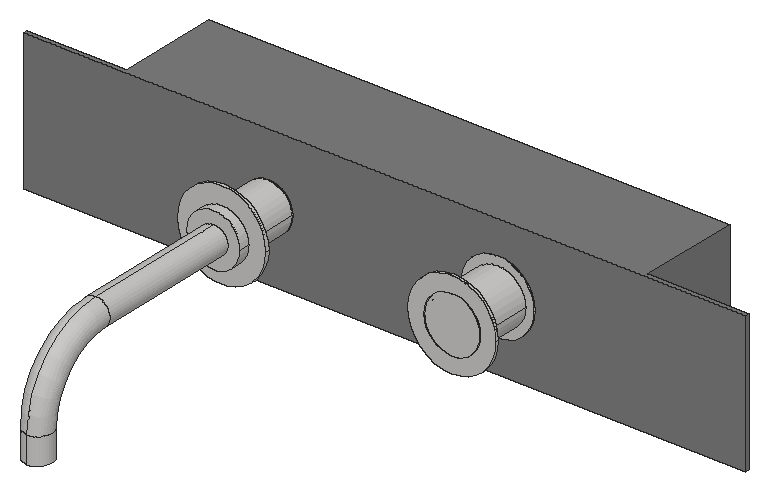
Revit family "CBR_4811", category Plumbing Fixtures, Revit 2021
Family settings
  Round Connector Dimension = Use Diameter
  Part Type = Normal
  Work Plane-Based = No
  Always vertical = Yes
  Cut with Voids When Loaded = No
  Shared = No
  Room Calculation Point = No
Parameters
  e-mail = "info@vola.com"
  URL = "http://vola.com"
  Telephone = "+45 7023 5500"
  Quality management standard = "ISO 9001"
  Organisation no. / DUNS no. = "17531328"
  Occupational health and safety management standard = "ISO 18001"
  Mounting Instructions = ""
  Model = "4811"
  Mixer Offset [instance] = 37.50 mm
  Mixer = yes
  Materials and components information = ""
  Manufacturer = "VOLA A/S"
  Maintenance Instructions = ""
  Guarantee = "2 years"
  Flow = "5,00 l/min"
  Environmental management standard = "ISO 14000"
  Default Elevation = 0.00 mm
  Connection - All relevant connections = "To valve box 3/8\" and to mixer ½\""
  Approvals = ""
Reference planes
  plane 1 "Center (Front/Back)": y = 0
  plane 2: z = 0
  plane 3 "Center (Left/Right)": x = 0
  plane 4 "Mixer plane": y = 37.5
  plane 5 "Wall Surface": y = 0
Forms (mm)
  Extrusion 1, solid, material "Stainless Steel", visible <- "Mixer"
    sketch origin (15.5, 37, 0) x (0, 0, 1) y (-1, 0, 0)
      loop
        circle (0, 16.5) r 16.5
    from 0 to 37
Dimensions and locks
  "Mixer Offset": plane 4 "Mixer plane" to plane 1 "Center (Front/Back)"
  aligned and locked: plane 2 to level
  aligned and locked: plane 1 "Center (Front/Back)" to Extrusion 1
  aligned and locked: nested 1 to plane 4 "Mixer plane"
  aligned and locked: nested 1 to Extrusion 1
  aligned and locked: nested 5 to nested 3
Automatic sketch dimensions
  radius of Extrusion 1 sketch curve to nested 1 = 0.00 mm
Nested families
  nested 1: "4800" at (78, 109, -58.08), visible <- "Mixer", type "Standard"
  nested 2: "001" at (-1, 0, 0) x (1, 0, 0) z (0, -1, 0), type "001"
  nested 3: "VR510" at (155, 0, 0), type "Standard"
  nested 4: "010" at (-1, -2, 0), type "010"
  nested 5: "VR512" at (155, 0, 0), type "Standard"
Connectors
  piping at (0.032, 82, -47.5), diameter 19
    settings: on nested 1, index 1, connector inside diameter 0.74803", connector length 0.00 mm, flow factor 0, pipe flow 0 GPM, pressure drop 0.00 psi, fitting loss kfactor 0, connector angle 0.00°, fixture units 0, engagement length 0.00 mm, angle of deflection 0.00°, flow configuration 0, flow direction 1, fitting loss method 0, system type 20, joint type 0, gender type 0, connector reference index -1, connector utility 0, adjustable connector no, is connector primary yes, connector description ""
Definition of nested family "4800"
  Parameters
    e-mail = "info@vola.com"
    URL = "http://vola.com"
    Telephone = "+45 7023 5500"
    Quality management standard = "ISO 9001"
    Organisation no. / DUNS no. = "17531328"
    Occupational health and safety management standard = "ISO 18001"
    Mounting Instructions = "http://vola.com/service/producturl.ashx?name=4000"
    Model = "4000"
    Materials and components information = "http://vola.com/service/producturl.ashx?name=4000"
    Manufacturer = "VOLA A/S"
    Maintenance Instructions = "http://vola.com/service/producturl.ashx?name=4000"
    Guarantee = "2 years"
    Environmental management standard = "ISO 14000"
    Default Elevation = 0.00 mm
    Connection - All relevant connections = ""
    Approvals = "http://vola.com/service/producturl.ashx?name=4000"
  Reference planes
    plane 1 "Center (Front/Back)": y = 0
    plane 2: z = 0
    plane 3 "Center (Left/Right)": x = 0
    plane 4: z = 58.08
    plane 5: y = -27
    plane 6: y = -27
    plane 7: y = -72
  Forms (mm)
    Extrusion 1, solid
      sketch origin (-39, -1, -10.92) x (1, 0, 0) y (0, 1, 0)
        loop
          line (-138, 1) -> (-138, -68) -> (216, -68) -> (216, 1) -> (-138, 1)
      from 21.5 to 116.5
    Extrusion 2, solid
      sketch origin (-1.25, -1, -10.92) x (1, 0, 0) y (0, 1, 0)
        loop
          line (-243.75, -68) -> (-243.75, -70.5) -> (246.25, -70.5) -> (246.25, -68) -> (-243.75, -68)
      from 21.5 to 116.5
    Extrusion 3, solid
      sketch origin (38, -1, -10.92) x (1, 0, 0) y (0, 0, 1)
        loop
          circle (39, 69) r 25
      from 70.5 to 71
    Extrusion 4, solid
      sketch origin (-118, -1, -10.92) x (1, 0, 0) y (0, 0, 1)
        loop
          circle (39, 69) r 16.5
      from 70.5 to 71
  Cuts and joins
    joined: Extrusion 1, Extrusion 2
  Lines and regions (mm)
    reference lines
      curve 1: line (77, -36.5, 58.08) -> (77, -36.5, 157.08)
      curve 2: line (77, -36.5, 58.08) -> (77, -36.5, -40.92)
      curve 3: line (-79, -28.5, 58.08) -> (-79, -28.5, 157.08)
      curve 4: line (-79, -28.5, 58.08) -> (-79, -28.5, -40.92)
      curve 5: line (-77, -27, 58.08) -> (-77, -122, 58.08)
      curve 6: line (77, -27, 58.08) -> (77, -114, 58.08)
  Dimensions and locks
    aligned and locked: plane 2 to level
    aligned and locked: Extrusion 1 to Extrusion 2
    aligned and locked: Extrusion 2 to Extrusion 1
Definition of nested family "001"
  Parameters
    e-mail = "info@vola.com"
    URL = "http://vola.com"
    Telephone = "+45 7023 5500"
    Quality management standard = "ISO 9001"
    Organisation no. / DUNS no. = "17531328"
    Occupational health and safety management standard = "ISO 18001"
    Mounting Instructions = "http://vola.com/service/producturl.ashx?name=001"
    Model = "001"
    Materials and components information = "http://vola.com/service/producturl.ashx?name=001"
    Manufacturer = "VOLA A/S"
    Maintenance Instructions = "http://vola.com/service/producturl.ashx?name=001"
    Guarantee = "2 years"
    Environmental management standard = "ISO 14000"
    Default Elevation = 1219.20 mm
    Connection - All relevant connections = ""
    Approvals = "http://vola.com/service/producturl.ashx?name=001"
  Reference planes
    plane 1 "Center (Front/Back)": y = 0
    plane 2: z = 0
    plane 3 "Center (Left/Right)": x = 0
  Forms (mm)
    Extrusion 1, solid
      sketch origin (0, 0, 0) x (1, 0, 0) y (0, 1, 0)
        loop
          circle (0, 0) r 16.5
        loop
          circle (0, 0) r 30
      from 0 to 2
  Dimensions and locks
    aligned and locked: plane 2 to level
Definition of nested family "VR510"
  Parameters
    e-mail = "info@vola.com"
    URL = "http://vola.com"
    Telephone = "+45 7023 5500"
    Quality management standard = "ISO 9001"
    Organisation no. / DUNS no. = "17531328"
    Occupational health and safety management standard = "ISO 18001"
    Mounting Instructions = ""
    Model = "RS82E"
    Materials and components information = ""
    Manufacturer = "VOLA A/S"
    Maintenance Instructions = ""
    Guarantee = "2 years"
    Environmental management standard = "ISO 14000"
    Default Elevation = 0.00 mm
    Connection - All relevant connections = ""
    Approvals = "http://vola.com/service/producturl.ashx?name=RS82E"
  Reference planes
    plane 1 "Center (Front/Back)": y = 0
    plane 2: z = 0
    plane 3 "Center (Left/Right)": x = 0
  Forms (mm)
    Extrusion 1, solid
      sketch origin (0, 0, 0) x (-1, 0, 0) y (0, 0, -1)
        loop
          circle (0, 0) r 19
      from 0 to 1.5
  Lines and regions (mm)
    model lines
      curve 1: circle (0, -1.5, 0) r 1.5 normal (0, 1, 0)
      curve 2: circle (0, -1.5, 5) r 1.5 normal (0, 1, 0)
      curve 3: circle (0, -1.5, -5) r 1.5 normal (0, 1, 0)
  Dimensions and locks
    aligned and locked: plane 2 to level
Definition of nested family "010"
  Parameters
    e-mail = "info@vola.com"
    URL = "http://vola.com"
    Telephone = "+45 7023 5500"
    Quality management standard = "ISO 9001"
    Organisation no. / DUNS no. = "17531328"
    Occupational health and safety management standard = "ISO 18001"
    Mounting Instructions = "http://vola.com/service/producturl.ashx?name=010"
    Model = "010"
    Materials and components information = "http://vola.com/service/producturl.ashx?name=010"
    Manufacturer = "VOLA A/S"
    Maintenance Instructions = "http://vola.com/service/producturl.ashx?name=010"
    Guarantee = "2 years"
    Flow = "0 l/min"
    Environmental management standard = "ISO 14000"
    Default Elevation = 0.00 mm
    Connection - All relevant connections = ""
    Approvals = "http://vola.com/service/producturl.ashx?name=010"
  Reference planes
    plane 1 "Center (Front/Back)": y = 0
    plane 2: z = 0
    plane 3 "Center (Left/Right)": x = 0
  Forms (mm)
    Extrusion 1, solid
      sketch origin (0, 0, 0) x (1, 0, 0) y (0, 0, 1)
        loop
          circle (0, 0) r 18
      from 0 to 7
    Sweep 2, solid
      path origin (0, 0, 0) x (0, 1, 0) y (0, 0, 1)
        loop
          line (-7, 0) -> (-107, 0)
          arc (-107, 0) -> (-141.648, -14.352) -> (-156, -49) r 49
      profile origin (0, -141.648, -14.352) x (0, 0.707107, -0.707107) y (1, 0, 0)
        loop
          circle (0, 0) r 9.5
    Extrusion 3, solid
      sketch origin (0, -156, -49) x (0, -1, 0) y (-1, 0, 0)
        loop
          circle (0, 0) r 9.5
      from 0 to 18
  Dimensions and locks
    aligned and locked: plane 2 to level
Definition of nested family "VR512"
  Parameters
    e-mail = "info@vola.com"
    URL = "http://vola.com"
    Telephone = "+45 7023 5500"
    Quality management standard = "ISO 9001"
    Organisation no. / DUNS no. = "17531328"
    Occupational health and safety management standard = "ISO 18001"
    Mounting Instructions = "http://vola.com/service/producturl.ashx?name=RS82E"
    Model = "RS82E"
    Materials and components information = "http://vola.com/service/producturl.ashx?name=RS82E"
    Manufacturer = "VOLA A/S"
    Maintenance Instructions = "http://vola.com/service/producturl.ashx?name=RS82E"
    Guarantee = "2 years"
    Environmental management standard = "ISO 14000"
    Default Elevation = 0.00 mm
    Connection - All relevant connections = ""
    Approvals = "http://vola.com/service/producturl.ashx?name=RS82E"
  Reference planes
    plane 1 "Center (Front/Back)": y = 0
    plane 2: z = 0
    plane 3 "Center (Left/Right)": x = 0
  Forms (mm)
    Extrusion 1, solid
      sketch origin (0, 0, 0) x (-1, 0, 0) y (0, 0, -1)
        loop
          circle (0, 0) r 30
        loop
          circle (0, 0) r 19
      from 0 to 1.5
    Extrusion 2, solid
      sketch origin (78, 18.799, 0) x (1, 0, 0) y (0, 0, 1)
        loop
          circle (-78, 0) r 19
        loop
          circle (-78, 0) r 17
      from -18.201 to 18.799
    Extrusion 3, solid
      sketch origin (0, 0, 0) x (1, 0, 0) y (0, 0, 1)
        loop
          circle (0, 0) r 17
        loop
          circle (0, 0) r 15
      from -37 to -2.174
  Dimensions and locks
    aligned and locked: plane 2 to level
